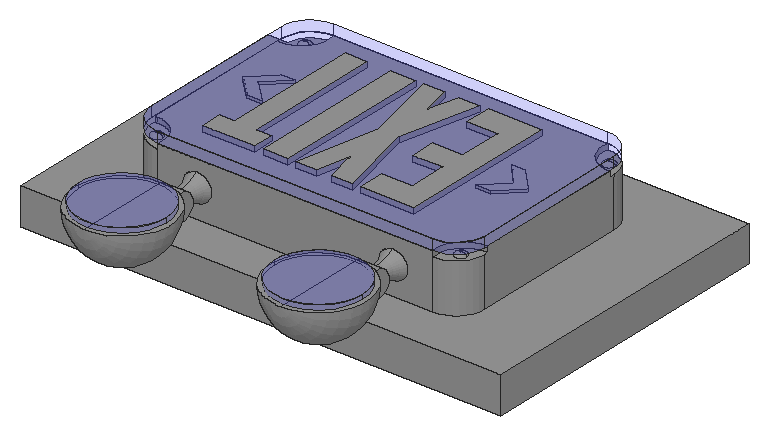
Revit family "PCHA COMBO", category Lighting Fixtures, host Face, Revit 2026
Family settings
  Host = Face
  Round Connector Dimension = Use Diameter
  Part Type = Normal
  Cut with Voids When Loaded = No
  Light Source = Yes
  Maintain Annotation Orientation = No
  Shared = No
  Room Calculation Point = No
Parameters (values of type "PCHAC-R")
  Wattage Comments = "2W"
  Wattage = 0.572229 W
  built-in parameter 1150110 = 1 (stored number, unit not read)
  Type Image = PCHAC - IMAGE.jpg
  Type Comments = "EM SIGN COMBO"
  built-in parameter 1114217 = 1 (stored number, unit not read)
  Tilt Angle = 0.00°
  built-in parameter 1150109 = 1 (stored number, unit not read)
  built-in parameter 1150134 = 5
  built-in parameter 1150113 = 1 (stored number, unit not read)
  SCREW MATERIAL = SCREWS MATERIAL
  Photometric Web File = "PCHAC-IES.ies"
  Model = "PCHAC"
  Manufacturer = "BEGHELLI"
  built-in parameter 1150105 = 6.7641 (stored number, unit not read)
  Lumens = 85 lm
  built-in parameter 1150115 = 1 (stored number, unit not read)
  built-in parameter 1150137 = (empty or 0)
  built-in parameter 1150139 = (empty or 0)
  built-in parameter 1150112 = 1 (stored number, unit not read)
  built-in parameter 1150114 = 1 (stored number, unit not read)
  Lamp = "LED"
  LETTER MATERIAL = LETTER MATERIAL RED
  LENS MATERIAL = LENS MATERIAL
  built-in parameter 1150132 = 2
  built-in parameter 1150102 = (empty or 0)
  built-in parameter 1150107 = 6000 (stored number, unit not read)
  built-in parameter 1150138 = (empty or 0)
  built-in parameter 1150106 = 0.067641 (stored number, unit not read)
  HOUSING MATERIAL = HOUSING MATERIAL
  FACE MATERIAL = FACE MATERIAL
  Emit from Line Length = 2' - 0"
  built-in parameter 1150104 = 13.8 (stored number, unit not read)
  Dimming Lamp Color Temperature Shift = <None>
  Description = ""
  Default Elevation = 4' - 0"
  Color Filter = 16777215
  built-in parameter 1114218 = 1 (stored number, unit not read)
  built-in parameter 1150133 = 10 (stored number, unit not read)
Types (3): name | Wattage | built-in parameter 1150134 | built-in parameter 1150105 | Lumens | LETTER MATERIAL | built-in parameter 1150132 | built-in parameter 1150107 | built-in parameter 1150106
  (no name) | 0.572229 W | 5 | 6.7641 (stored number, unit not read) | 85 lm | LETTER MATERIAL RED | 2 | 6000 (stored number, unit not read) | 0.067641 (stored number, unit not read)
  PCHAC-G | 9.2903 W | 3 | 109.82 (stored number, unit not read) | 1380 lm | LETTER MATERIAL GREEN | (empty or 0) | 3200 (stored number, unit not read) | 1.0982 (stored number, unit not read)
  PCHAC-R | 0.572229 W | 5 | 6.7641 (stored number, unit not read) | 85 lm | LETTER MATERIAL RED | 2 | 6000 (stored number, unit not read) | 0.067641 (stored number, unit not read)
Reference planes (in)
  plane 1 "Center (Front/Back)": y = 0
  plane 2: z = 0
  plane 3 "Center (Left/Right)": x = 0
Forms (in)
  Extrusion 1, solid, material "HOUSING MATERIAL" <- "HOUSING MATERIAL"
    sketch origin (0, 0, 0) x (1, 0, 0) y (0, 1, 0)
      loop
        line (-9, 5.5) -> (-9, -6.11918) -> (9.09711, -6.11918) -> (9.09711, 5.5) -> (-9, 5.5)
    from 0 to -1.37091
Dimensions and locks (in)
  aligned and locked: plane 2 to Extrusion 1
  aligned and locked: level to Extrusion 1
  aligned and locked: nested 1 to Extrusion 1
Nested families (in)
  nested 1: "PCHAC" at (0, 0, -2.18608), type "PCHAC"
Definition of nested family "PCHAC"
  Parameters (values of type "PCHAC")
    SCREW MATERIAL = none
    LETTER MATERIAL = none
    LENS MATERIAL = none
    HOUSING MATERIAL = none
    FACE MATERIAL = none
    Default Elevation = 0' - 0"
  Reference planes (in)
    plane 1 "Center (Front/Back)": y = 0
    plane 2: z = 0
    plane 3 "Center (Left/Right)": x = 0
    plane 4: x = -5.5
  Dimensions and locks (in)
    aligned and locked: plane 2 to level
    aligned and locked: nested 2 to nested 5
    aligned and locked: nested 4 to nested 2
  Nested families (in)
    nested 1: "PCHAC - HOUSING" at (0, -1, 0), type "PCHAC - HOUSING"
    nested 2: "PCHAC - FACE" at (0, -0.27089, 0.85289), type "PCHAC - FACE"
    nested 3: "PCHAC - LETERS" at (-0.25, -0.27089, 1.34375), type "LETTERS"
    nested 4: "PCHAC - LAMP" at (-3.68817, -3.32946, -4.90607), type "PCHAC - LAMP"
    nested 5: "PCHAC - LAMP" at (3.68817, -3.32946, -4.90607) x (-1, 0, 0) z (0, 0, 1), type "PCHAC - LAMP"
  Definition of nested family "PCHAC - HOUSING"
    Parameters (values of type "PCHAC - HOUSING")
      SCREW MATERIAL = none
      Default Elevation = 0' - 0"
      HOUSING MATERIAL = none
    Reference planes (in)
      plane 1 "Center (Front/Back)": y = 0
      plane 2: z = 0
      plane 3 "Center (Left/Right)": x = 0
      plane 4: x = -6.25
      plane 5: x = 6.25
      plane 6: z = 8.25
    Forms (in)
      Extrusion 1, solid, material <- "HOUSING MATERIAL"
        sketch origin (0, -3.43608, 3.43608) x (1, 0, 0) y (0, 1, 0)
          loop
            arc (-5.16797, 8.25) -> (-5.93308, 7.93308) -> (-6.25, 7.16797) r 1.08203
            line (-6.25, 7.16797) -> (-6.25, 1.08203)
            arc (-6.25, 1.08203) -> (-5.93308, 0.31692) -> (-5.16797, 0) r 1.08203
            line (-5.16797, 0) -> (5.16797, 0)
            arc (5.16797, 0) -> (5.93308, 0.31692) -> (6.25, 1.08203) r 1.08203
            line (6.25, 1.08203) -> (6.25, 7.16797)
            arc (6.25, 7.16797) -> (5.93308, 7.93308) -> (5.16797, 8.25) r 1.08203
            line (5.16797, 8.25) -> (-5.16797, 8.25)
        from -1.25 to 0.79687
      Extrusion 2, void
        sketch origin (0, -3.43608, 3.43608) x (1, 0, 0) y (0, 1, 0)
          loop
            arc (-6.21225, 6.99797) -> (-5.3834, 7.36817) -> (-5.16797, 8.25) r 1.03162
            line (-5.16797, 8.25) -> (-5.16797, 8.42533) -> (-6.66797, 8.42533) -> (-6.66797, 6.99797) -> (-6.21225, 6.99797)
        from 0.5932 to 0.79687
      Extrusion 3, void
        sketch origin (0, -3.43608, 3.43608) x (-1, 0, 0) y (0, -1, 0)
          loop
            line (-6.21225, -6.99797) -> (-6.66797, -6.99797) -> (-6.66797, -8.42533) -> (-5.16797, -8.42533) -> (-5.16797, -8.25)
            arc (-5.16797, -8.25) -> (-5.3834, -7.36817) -> (-6.21225, -6.99797) r 1.03162
        from 0.5932 to 0.79687
      Extrusion 4, void
        sketch origin (0, 4.81392, 3.43608) x (-1, 0, 0) y (0, -1, 0)
          loop
            arc (-6.21225, 6.99797) -> (-5.3834, 7.36817) -> (-5.16797, 8.25) r 1.03162
            line (-5.16797, 8.25) -> (-5.16797, 8.42533) -> (-6.66797, 8.42533) -> (-6.66797, 6.99797) -> (-6.21225, 6.99797)
        from 0.5932 to 0.79687
      Extrusion 5, void
        sketch origin (0, 4.81392, 3.43608) x (1, 0, 0) y (0, 1, 0)
          loop
            line (-6.21225, -6.99797) -> (-6.66797, -6.99797) -> (-6.66797, -8.42533) -> (-5.16797, -8.42533) -> (-5.16797, -8.25)
            arc (-5.16797, -8.25) -> (-5.3834, -7.36817) -> (-6.21225, -6.99797) r 1.03162
        from 0.5932 to 0.79687
      Revolve 6, solid, material <- "SCREW MATERIAL"
        sketch origin (0, -2.80059, -0.03628) x (1, 0, 0) y (0, 0, 1)
          loop
            line (-5.93297, 4.06638) -> (-5.76608, 4.06638) -> (-5.76608, 3.99582) -> (-5.71815, 3.99582) -> (-5.71815, 4.13065) -> (-5.76125, 4.13065) -> (-5.76125, 4.16552)
            arc (-5.76125, 4.16552) -> (-5.86169, 4.14121) -> (-5.93297, 4.06638) r 0.18309
          axis (-5.71815, 4.16552) -> (-5.71815, 3.99582)
        angle from 0 to 360
      Revolve 7, solid, material <- "SCREW MATERIAL"
        sketch origin (0, -2.80059, -0.03628) x (-1, 0, 0) y (0, 0, -1)
          loop
            arc (-5.93297, -4.06638) -> (-5.86169, -4.14121) -> (-5.76125, -4.16552) r 0.18309
            line (-5.76125, -4.16552) -> (-5.76125, -4.13065) -> (-5.71815, -4.13065) -> (-5.71815, -3.99582) -> (-5.76608, -3.99582) -> (-5.76608, -4.06638) -> (-5.93297, -4.06638)
          axis (-5.71815, -4.16552) -> (-5.71815, -3.99582)
        angle from 0 to 360
      Revolve 8, solid, material <- "SCREW MATERIAL"
        sketch origin (0, 4.17844, -0.03628) x (-1, 0, 0) y (0, 0, 1)
          loop
            line (-5.93297, 4.06638) -> (-5.76608, 4.06638) -> (-5.76608, 3.99582) -> (-5.71815, 3.99582) -> (-5.71815, 4.13065) -> (-5.76125, 4.13065) -> (-5.76125, 4.16552)
            arc (-5.76125, 4.16552) -> (-5.86169, 4.14121) -> (-5.93297, 4.06638) r 0.18309
          axis (-5.71815, 4.16552) -> (-5.71815, 3.99582)
        angle from 0 to 360
      Revolve 9, solid, material <- "SCREW MATERIAL"
        sketch origin (0, 4.17844, -0.03628) x (1, 0, 0) y (0, 0, -1)
          loop
            arc (-5.93297, -4.06638) -> (-5.86169, -4.14121) -> (-5.76125, -4.16552) r 0.18309
            line (-5.76125, -4.16552) -> (-5.76125, -4.13065) -> (-5.71815, -4.13065) -> (-5.71815, -3.99582) -> (-5.76608, -3.99582) -> (-5.76608, -4.06638) -> (-5.93297, -4.06638)
          axis (-5.71815, -4.16552) -> (-5.71815, -3.99582)
        angle from 0 to 360
    Cuts and joins
      Extrusion 2, Extrusion 3, Extrusion 4, Extrusion 5 cuts Extrusion 1
    Dimensions and locks (in)
      plane 3 "Center (Left/Right)" to plane 4 = 0' - 6 1/4"
      plane 6 to level = 0' - 8 1/4"
      aligned and locked: plane 2 to level
  Definition of nested family "PCHAC - FACE"
    Parameters (values of type "PCHAC - FACE")
      FACE MATERIAL = none
      Default Elevation = 0' - 0"
    Reference planes (in)
      plane 1 "Center (Front/Back)": y = 0
      plane 2: z = 0
      plane 3 "Center (Left/Right)": x = 0
    Forms (in)
      Extrusion 1, solid, material <- "FACE MATERIAL"
        sketch origin (0, 3.08481, 2.78686) x (0, -1, 0) y (1, 0, 0)
          loop
            arc (7.25, 5.16797) -> (6.93308, 5.93308) -> (6.16797, 6.25) r 1.08203
            line (6.16797, 6.25) -> (0.08203, 6.25)
            arc (0.08203, 6.25) -> (-0.68308, 5.93308) -> (-1, 5.16797) r 1.08203
            line (-1, 5.16797) -> (-1, -5.16797)
            arc (-1, -5.16797) -> (-0.68308, -5.93308) -> (0.08203, -6.25) r 1.08203
            line (0.08203, -6.25) -> (6.16797, -6.25)
            arc (6.16797, -6.25) -> (6.93308, -5.93308) -> (7.25, -5.16797) r 1.08203
            line (7.25, -5.16797) -> (7.25, 5.16797)
        from 0.5932 to 1
      Extrusion 2, solid
        sketch origin (0, 4.58481, 2.78686) x (0, 1, 0) y (-1, 0, 0)
          loop
            line (-5.28962, -4.59941) -> (-4.52458, -5.36445) -> (-3.68909, -4.58534) -> (-3.68909, -4.08534) -> (-4.48452, -4.82709) -> (-5.28962, -4.02199) -> (-5.28962, -4.59941)
        from 0.80524 to 0.90846
      Extrusion 3, solid
        sketch origin (0, 4.58481, 2.78686) x (0, -1, 0) y (1, 0, 0)
          loop
            line (5.28962, -4.59941) -> (5.28962, -4.02199) -> (4.48452, -4.82709) -> (3.68909, -4.08534) -> (3.68909, -4.58534) -> (4.52458, -5.36445) -> (5.28962, -4.59941)
        from 0.80524 to 0.90846
    Dimensions and locks (in)
      aligned and locked: plane 2 to level
  Definition of nested family "PCHAC - LETERS"
    Parameters (values of type "LETTERS")
      LETTERS = none
      Default Elevation = 0' - 0"
    Reference planes (in)
      plane 1 "Center (Front/Back)": y = 0
      plane 2: z = 0
      plane 3 "Center (Left/Right)": x = 0
    Forms (in)
      Extrusion 1, solid, material <- "LETTERS"
        sketch origin (-0.13762, -4.61737, 1.29951) x (-1, 0, 0) y (0, -1, 0)
          loop
            line (-3.96514, -7.56159) -> (-1.96514, -7.56159) -> (-1.96514, -6.56159) -> (-3.10481, -6.56159) -> (-3.10481, -4.93659) -> (-1.96514, -4.93659) -> (-1.96514, -4.00068) -> (-3.10481, -4.00068) -> (-3.10481, -2.56159) -> (-1.96514, -2.56159) -> (-1.96514, -1.56159) -> (-3.96514, -1.56159) -> (-3.96514, -7.56159)
          loop
            line (-0.86723, -1.56159) -> (-1.64848, -1.56159) -> (-0.94531, -4.60737) -> (-1.62734, -7.56159) -> (-0.84609, -7.56159) -> (-0.58752, -6.44159) -> (-0.32895, -7.56159) -> (0.46795, -7.56159) -> (-0.21408, -4.60737) -> (0.48909, -1.56159) -> (-0.30782, -1.56159) -> (-0.58752, -2.77314) -> (-0.86723, -1.56159)
          loop
            line (0.77206, -7.56159) -> (1.6945, -7.56159) -> (1.6945, -1.56159) -> (0.77206, -1.56159) -> (0.77206, -7.56159)
          loop
            line (2.58412, -7.54816) -> (3.40545, -7.54816) -> (3.40545, -2.36181) -> (3.97644, -2.36181) -> (3.97644, -1.54816) -> (2.01313, -1.54816) -> (2.01313, -2.36181) -> (2.58412, -2.36181) -> (2.58412, -7.54816)
        from 1.8 to 2
    Dimensions and locks (in)
      aligned and locked: plane 2 to level
  Definition of nested family "PCHAC - LAMP"
    Parameters (values of type "PCHAC - LAMP")
      LENS MATERIAL = none
      Default Elevation = 0' - 0"
      HOUSING MATERIAL = none
    Reference planes (in)
      plane 1 "Center (Front/Back)": y = 0
      plane 2: z = 0
      plane 3 "Center (Left/Right)": x = 0
      plane 4: z = 13.5
    Forms (in)
      Revolve 1, solid, material <- "HOUSING MATERIAL"
        sketch origin (-0.00014, -7.06848, 9.09213) x (1, 0, 0) y (0, 1, 0)
          loop
            line (0, 13.5) -> (0, 9.87661)
            arc (0, 9.87661) -> (1.8117, 11.6883) -> (0, 13.5) r 1.8117
          axis (0, 13.5) -> (0, 9.87661)
        angle from 0 to 180
      Extrusion 2, solid, material <- "HOUSING MATERIAL"
        sketch origin (0, -7.06848, 9.28172) x (0, 0, -1) y (0, 1, 0)
          loop
            arc (1.39634, 10.3582) -> (1.09462, 10.13787) -> (0.75219, 9.98846) r 1.70676
            line (0.75219, 9.98846) -> (0.75219, 9.8582)
            arc (0.75219, 9.8582) -> (0.61502, 9.27016) -> (1.1184, 8.93666) r 0.52899
            arc (1.1184, 8.93666) -> (1.56186, 9.30559) -> (1.39634, 9.8582) r 0.52317
            line (1.39634, 9.8582) -> (1.39634, 10.3582)
          loop
            circle (1.10662, 9.46551) r 0.06295
        from -0.44169 to 0.44042
      Revolve 3, solid, material <- "HOUSING MATERIAL"
        sketch origin (0, -7.06848, 9.28172) x (0, 0, -1) y (0, 1, 0)
          loop
            arc (1.40745, 9.06467) -> (1.26854, 8.9738) -> (1.10662, 8.93727) r 0.46686
            line (1.10662, 8.93727) -> (1.10662, 8.1751) -> (1.62925, 8.1751)
            arc (1.62925, 8.1751) -> (1.43398, 8.59885) -> (1.40745, 9.06467) r 1.25177
          axis (1.10662, 9.06467) -> (1.10662, 8.1751)
        angle from 0 to 360
      Extrusion 4, solid, material <- "LENS MATERIAL"
        sketch origin (0, -7.06848, 9.28172) x (1, 0, 0) y (0, 1, 0)
          loop
            circle (-0.00014, 11.6883) r 1.66161
        from -0.18959 to 0
    Dimensions and locks (in)
      aligned and locked: plane 2 to level
